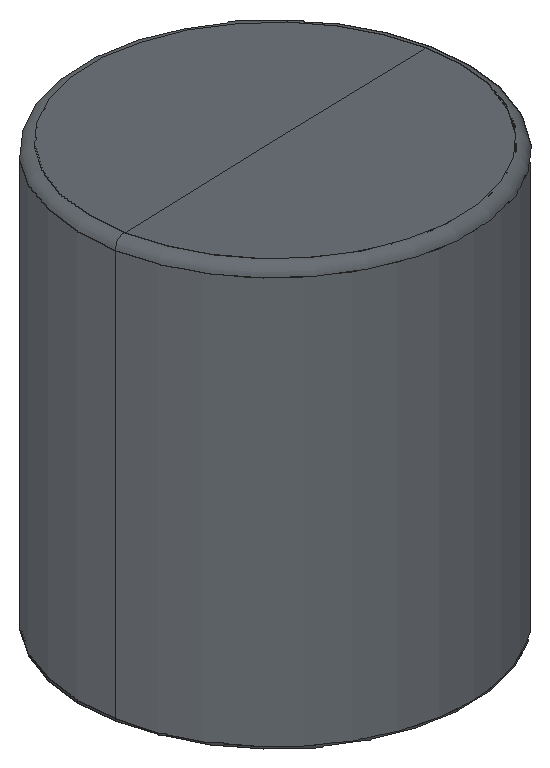
Revit family "Rocking 18in Stool High", category Generic Models, Revit 2018
Family settings
  Can host rebar = No
  Round Connector Dimension = Use Diameter
  Part Type = Normal
  Work Plane-Based = No
  Always vertical = Yes
  Cut with Voids When Loaded = No
  Shared = No
  Room Calculation Point = No
Parameters
  Fabric = Dot Rocking 18" Stool High Fabric
Reference planes (in)
  plane 1 "Center (Front/Back)": y = 0
  plane 2: z = 0
  plane 3 "Center (Left/Right)": x = 0
Forms (in)
  Revolve 1, solid, material "Dot-Rocking Base"
    sketch origin (0, 0, 0) x (0, 1, 0) y (0, 0, 1)
      loop
        line (0, 1.27726) -> (-8.21953, 1.27726)
        arc (-8.21953, 1.27726) -> (-8.26128, 1.25997) -> (-8.27857, 1.21822) r 0.05903
        line (-8.27857, 1.21822) -> (-8.27857, 1.02136)
        arc (-8.27857, 1.02136) -> (-8.23821, 0.92392) -> (-8.14077, 0.88356) r 0.1378
        line (-8.14077, 0.88356) -> (-8.00052, 0.88356)
        arc (-8.00052, 0.88356) -> (-4.02458, 0.22156) -> (0, 0) r 36.66376
        line (0, 0) -> (0, 1.27726)
      axis (0, 1.27726) -> (0, 0)
    angle from 0 to 360
  Revolve 2, solid, material "Dot Rocking 18" Stool High Fabric" <- "Fabric"
    sketch origin (0, 0, 0.78222) x (0, 1, 0) y (0, 0, 1)
      loop
        line (0, 20.12868) -> (-8.52864, 20.12868)
        arc (-8.52864, 20.12868) -> (-8.88214, 19.98226) -> (-9.02856, 19.62875) r 0.49993
        line (-9.02856, 19.62875) -> (-9.02856, 0.62005)
        arc (-9.02856, 0.62005) -> (-8.99195, 0.53165) -> (-8.90355, 0.49504) r 0.12501
        line (-8.90355, 0.49504) -> (0, 0.49504) -> (0, 20.12868)
      axis (0, 20.12868) -> (0, 0.49504)
    angle from 0 to 360
Dimensions and locks (in)
  aligned and locked: plane 2 to level
